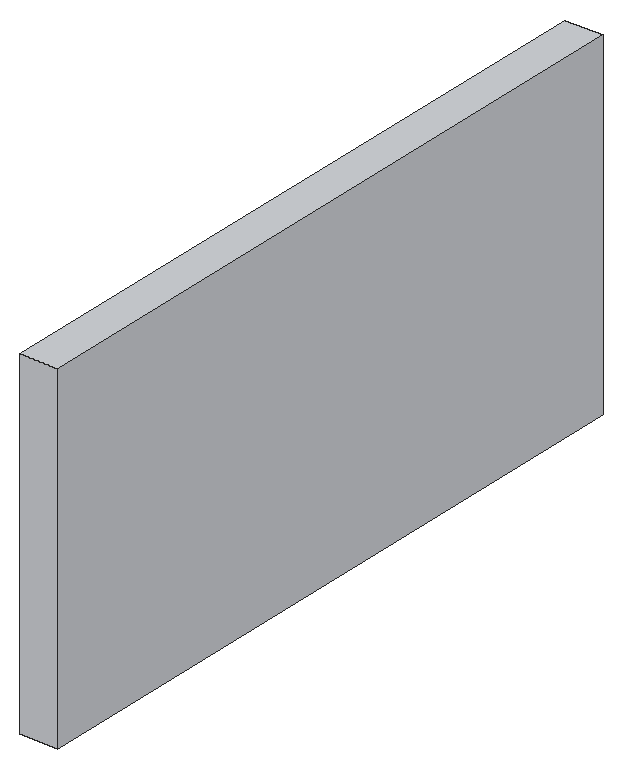
Revit family "41ad30a84513442596995b0b037bee08", category Duct Fittings, Revit 2021
Family settings
  Round Connector Dimension = Use Diameter
  Part Type = Cap
  OmniClass Number = 23.75.70.14
  OmniClass Title = Air Ductwork
  Seek Item ID = Rectangular Endcap - DTL-0000-USA-ENU
  Work Plane-Based = No
  Always vertical = Yes
  Cut with Voids When Loaded = No
  Shared = No
Parameters (values of type "Standard")
  Width In [instance] = 36"
  built-in parameter 1114242 [instance] = (empty or 0)
  Draw Length [instance] = 2"
  Depth In [instance] = 18"
  Default Elevation = 0' - 0"
Reference planes (in)
  plane 1 "Center (Front/Back)": y = 0
  plane 2: z = 0
  plane 3 "Center (Left/Right)": x = 0
  plane 4: x = 2
  plane 5: y = 18
  plane 6: y = -18
  plane 7: z = 9
  plane 8: z = -9
  plane 9: x = -2
Forms (in)
  Extrusion 1, solid, detail levels medium+fine
    sketch origin (0, 0, 0) x (0, 1, 0) y (0, 0, 1)
      loop
        line (18, 9) -> (-18, 9) -> (-18, -9) -> (18, -9) -> (18, 9)
    from 0 to 2
Lines and regions (in)
  model lines, detail levels coarse
    curve 1: line (0, 18, 0) -> (0, -18, 0)
    curve 2: line (-2, 18, 0) -> (0, 18, 0)
    curve 3: line (-2, -18, 0) -> (0, -18, 0)
Dimensions and locks (in)
  equal spacing: plane 5, plane 1 "Center (Front/Back)", plane 6
  "Width In": plane 5 to plane 6
  "Draw Length": plane 3 "Center (Left/Right)" to plane 4
  equal spacing: plane 7, plane 2, plane 8
  "Depth In": plane 7 to plane 8
  "Draw Length": plane 9 to plane 3 "Center (Left/Right)"
  aligned and locked: plane 5 to Extrusion 1 sketch curve
  aligned and locked: plane 7 to Extrusion 1 sketch curve
  aligned and locked: plane 8 to Extrusion 1 sketch curve
  aligned and locked: Extrusion 1 sketch curve to plane 6
  aligned and locked: Extrusion 1 to plane 3 "Center (Left/Right)"
  aligned and locked: plane 4 to Extrusion 1
  aligned and locked: plane 5 to curve 1
  aligned and locked: plane 6 to curve 1
  aligned and locked: plane 3 "Center (Left/Right)" to curve 2
  aligned and locked: plane 9 to curve 2
  aligned and locked: curve 2 to plane 5
  aligned and locked: plane 9 to curve 3
  aligned and locked: plane 3 "Center (Left/Right)" to curve 3
  aligned and locked: curve 3 to plane 6
Connectors (in)
  hvac at (0, 0, 0), driven by "Depth In", driven by "Width In"
    settings: on Extrusion 1, index 1, duct flow 0 CFM, flow factor 0, pres drop 0.00 in-wg, loss coef 0, conn angle 0.00°, conn width 36", conn height 18", conn diameter 24", duct sys type 28, conn prof type 1, flow config 0, flow direction 0, loss method 0, conn ref index -1, conn util no, is conn primary yes, conn desc ""
